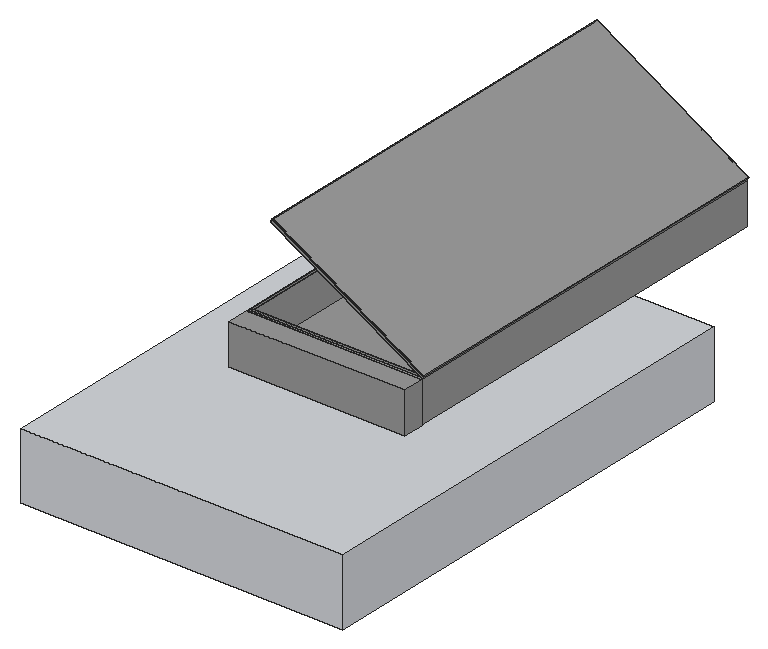
Revit family "Hager-Univers-IP44-D205-H1950-Cl.II-Encl-DE-de", category Equipement électrique, Revit 2020
Family settings
  Hôte = Face
  Configuration du panneau = Deux colonnes, circuits au sein
  Cote de connecteur circulaire = Utiliser le diamètre
  Type d'élément = Tableau de raccordement
  Couper avec des vides une fois chargée = Non
  Partagée = Non
  Point de calcul de pièce = Non
Parameters (values of type "Bodenaufstellung IP44 B800 H1950 T205  - FP23SN2")
  Width Control [instance] = if([EF000008 - Breite] > Min Width, [EF000008 - Breite], Min Width)  # 800 mm
  Commentaires du type = [HG000003 - Bereich]  # "Univers"
  Thickness Door [instance] = if([EF009171 - Materialstärke Tür/Deckel] > 3 mm, 3 mm, [EF009171 - Materialstärke Tür/Deckel])  # 1 mm
  Seal Frame Offset [instance] = 17 mm  # constant formula
  Plinth Visibility [instance] = [HG000027 - Sockelhöhe] > 0 mm  # yes
  Model = ""
  Min Width [instance] = 100 mm  # constant formula
  Min Height [instance] = 100 mm  # constant formula
  Min Depth [instance] = (2 * [EF009170 - Materialstärke Gehäuse]) + 1 mm  # 3 mm
  Internal Frame Depth [instance] = (Door System Depth * 0.5)  # 9 mm
  Height Control [instance] = if([EF000040 - Höhe] > Min Height, [EF000040 - Höhe], Min Height)  # 1950 mm
  HG000027 - Sockelhöhe = 100 mm
  HG000026 - Stehend auf dem Boden = yes
  HG000024 - Höhe des unteren Teils = 800 mm
  HG000023 - Gehäuse mit doppeltem Querschnitt = no
  HG000016 - 3D-Türsichtbarkeit [instance] = yes
  HG000015 - Sichtbarkeit der Türöffnung [instance] = no
  HG000014 - Tür rechts [instance] = yes
  HG000013 - Tür links [instance] = not([HG000014 - Tür rechts])  # no
  HG000012 - Türschwenkwinkel [instance] = 30.00°
  HG000010 - Asymmetrische Türen = no
  HG000009 - Doppelflügeligen Tür = no
  HG000006 - Unterputz = no
  HG000004 - Herstellerreferenz = "FP23SN2"
  HG000003 - Bereich = "Univers"
  HG000002 - Mit tür = yes
  Frame Offset Bottom [instance] = 10 mm  # constant formula
  Frame Offset [instance] = 15 mm  # constant formula
  EF015940 - Deckel mit Überdruckentlastung = no
  EF011959 - Schutzart (NEMA) = ""
  EF009554 - Anzahl der Öffnungen für Flanschplatten = 6
  Fabricant = "Hager"  # constant formula
  EF009212 - Ausführung Deckel = "EV000116 - geschlossen"
  EF009171 - Materialstärke Tür/Deckel = 1 mm
  EF009170 - Materialstärke Gehäuse = 1 mm
  EF008873 - Nennstrom (In) = 400 A
  EF007800 - Geeignet für Blitzschutz = no
  EF006306 - Mit Schloss = no
  EF006244 - Transparenter Deckel/Tür = no
  EF005474 - Schutzart (IP) = "EV006418 - IP44"
  EF004464 - Art der Tür = "EV002646 - Einzel"
  EF004427 - Anzahl der Module = 432
  EF004293 - Schlagfestigkeit = "EV006815 - IK09"
  EF003532 - Geeignet für Außengebrauch = no
  EF002950 - Breite in Teilungseinheiten = 36
  EF001613 - Funktionserhalt = "EV000494 - ohne"
  EF001596 - Werkstoff des Gehäuses = "EV000179 - Stahl"
  EF001131 - Innentiefe = 143 mm
  EF001088 - Anbaumöglichkeit = yes
  EF000437 - Anzahl der Leitungseinführungen = 6
  EF000339 - Art der Abdeckung = "EV001012 - Deckel"
  EF000266 - Anzahl der Reihen = 12
  EF000218 - Einbautiefe = 0 mm
  EF000118 - Mit Montageplatte = no
  EF000116 - RAL-Nummer = "9010"
  EF000049 - Tiefe = 205 mm
  EF000040 - Höhe = 1950 mm
  EF000008 - Breite = 800 mm
  EF000007 - Farbe = "EV000202 - weiß"
  EF000003 - Montageart = "EV012274 - Bodenaufstellung"
  Door System Leaf Tolerance [instance] = 1.5 mm  # constant formula
  Door System Depth [instance] = 18 mm  # constant formula
  Door Height [instance] = Height Control - [HG000027 - Sockelhöhe]  # 1850 mm
  Depth Control [instance] = if([EF000049 - Tiefe] > Min Depth, [EF000049 - Tiefe], Min Depth)  # 205 mm
  Default Elevation = 0 mm
  Connector Offset [instance] = Height Control / 2  # 975 mm
  Bottom Top Plate Trim [instance] = 1.5 mm  # constant formula
  Plinth height Ctrl [instance] = if([HG000027 - Sockelhöhe] > 0 mm, [HG000027 - Sockelhöhe], 12 mm)  # 100 mm
Types (5, lengths in mm): name | Width Control | HG000010 - Asymmetrische Türen | HG000009 - Doppelflügeligen Tür | HG000004 - Herstellerreferenz | EF009554 - Anzahl der Öffnungen für Flanschplatten | EF008873 - Nennstrom (In) | EF004464 - Art der Tür | EF004427 - Anzahl der Module | EF002950 - Breite in Teilungseinheiten | EF000437 - Anzahl der Leitungseinführungen | EF000008 - Breite
  Bodenaufstellung IP44 B1050 H1950 T205  - FP24SN2 | 1050 | no | yes | "FP24SN2" | 8 | 400 A | "EV003602 - Doppel" | 576 | 48 | 8 | 1050
  Bodenaufstellung IP44 B1300 H1950 T205  - FP25SN2 | 1300 | yes | yes | "FP25SN2" | 10 | 400 A | "EV003602 - Doppel" | 720 | 60 | 10 | 1300
  Bodenaufstellung IP44 B300 H1950 T205  - FP21SN2 | 300 | no | no | "FP21SN2" | 2 | 250 A | "EV002646 - Einzel" | 144 | 12 | 2 | 300
  Bodenaufstellung IP44 B550 H1950 T205  - FP22SN2 | 550 | no | no | "FP22SN2" | 4 | 400 A | "EV002646 - Einzel" | 288 | 24 | 4 | 550
  Bodenaufstellung IP44 B800 H1950 T205  - FP23SN2 | 800 | no | no | "FP23SN2" | 6 | 400 A | "EV002646 - Einzel" | 432 | 36 | 6 | 800
Reference planes
  plane 1 "Center (Front/Back)": y = 0
  plane 2: z = 0
  plane 3 "Center (Left/Right)": x = 0
  plane 4: z = 205
  plane 5: y = 101
  plane 6: y = 1025
  plane 7: y = 100
  plane 8: y = 1950
  plane 9: z = 0
  plane 10: x = -385
  plane 11: x = 385
  plane 12: x = 384
  plane 13: x = -384
  plane 14: y = 1949
  plane 15: x = -383
  plane 16: x = -400
  plane 17: x = 383
  plane 18: x = 400
  plane 19: x = 399
  plane 20: x = -399
  plane 21: y = 111
  plane 22: y = 1950
  plane 23: y = 1934
  plane 24: z = 187
  plane 25: z = 1
  plane 26: z = 186
  plane 27: z = 204
Forms (mm)
  Extrusion 1, solid
    sketch origin (0, 0, 0) x (1, 0, 0) y (0, 1, 0)
      loop
        line (-702.964, 1305) -> (-702.964, -811.445) -> (766.763, -811.445) -> (766.763, 1305) -> (-702.964, 1305)
    from 0 to -304.8
  Extrusion 2, solid, material "Hager_Steel_RAL7035_Light_Grey", visible <- "Plinth Visibility", detail levels medium+fine
    sketch origin (0, 0, 0) x (1, 0, 0) y (0, 1, 0)
      loop
        line (-400, 0) -> (400, 0) -> (400, 100) -> (-400, 100) -> (-400, 0)
    from 0 to 187
  Extrusion 3, solid, material "Hager_Steel_RAL7035_Light_Grey", detail levels medium+fine
    sketch origin (0, 0, 0) x (1, 0, 0) y (0, 1, 0)
      loop
        line (-400, 100) -> (400, 100) -> (400, 1950) -> (-400, 1950) -> (-400, 100)
    from 0 to 187
  Extrusion 4, void
    sketch origin (0, 0, 0) x (1, 0, 0) y (0, 1, 0)
      loop
        line (-399, 101) -> (399, 101) -> (399, 1949) -> (-399, 1949) -> (-399, 101)
    from 1 to 186
  Extrusion 5, void
    sketch origin (-381.607, -4572, 187) x (0, -1, 0) y (-1, 0, 0)
      loop
        line (-4683, 2.393) -> (-6506, 2.393) -> (-6506, -765.607) -> (-4683, -765.607) -> (-4683, 2.393)
    from 0 to 1 <- "EF009170 - Materialstärke Gehäuse"
  Extrusion 6, solid, material "Hager_Steel_RAL7035_Light_Grey", detail levels fine
    sketch origin (0, 0, 187) x (1, 0, 0) y (0, 1, 0)
      loop
        line (-384, 1934) -> (-384, 111) -> (384, 111) -> (384, 1934) -> (-384, 1934)
      loop
        line (-385, 110) -> (385, 110) -> (385, 1935) -> (-385, 1935) -> (-385, 110)
    from 0 to 9 <- "Internal Frame Depth"
  Extrusion 7, solid, material "Hager_Steel_RAL7035_Light_Grey", detail levels coarse
    sketch origin (0, 0, 0) x (1, 0, 0) y (0, 1, 0)
      loop
        line (-400, 0) -> (400, 0) -> (400, 1950) -> (-400, 1950) -> (-400, 0)
    from 0 to 205
  Sweep 8, void
    path in 3D
      loop
        line (-400, 100, 0) -> (400, 100, 0) -> (400, 100, 187) -> (-400, 100, 187) -> (-400, 100, 0)
    profile origin (-400, 100, 93.5) x (-1, 0, 0) y (0, -1, 0)
      loop
        line (0, 0) -> (0, 1.5) -> (-1.5, 1.5)
        arc (-1.5, 1.5) -> (-1.061, 0.439) -> (0, 0) r 1.5
Cuts and joins
  Extrusion 4, Extrusion 5 cuts Extrusion 3
  Sweep 8 cuts Extrusion 2
Lines and regions (mm)
  Masking region 1
    outline origin (0, 0, 0) x (1, 0, 0) y (0, 0, 1)
      loop
        line (-400, 205) -> (-400, 0) -> (400, 0) -> (400, 205) -> (-400, 205)
  Masking region 2, detail levels medium+fine
    outline origin (0, 140, 0) x (0, 1, 0) y (0, 0, 1)
      loop
        line (-40, 0) -> (1810, 0) -> (1810, 187) -> (-40, 187) -> (-40, 0)
  Masking region 3, not visible, detail levels medium+fine
    outline origin (0, 297.922, 0) x (0, 1, 0) y (0, 0, 1)
      loop
        line (738.578, 0) -> (778.578, 0) -> (778.578, 194)
        arc (778.578, 194) -> (775.649, 201.071) -> (768.578, 204) r 10
        line (768.578, 204) -> (738.578, 204) -> (738.578, 0)
  Masking region 4, detail levels coarse
    outline origin (0, 0, 180) x (0, 1, 0) y (0, 0, 1)
      loop
        line (0, -180) -> (1950, -180) -> (1950, 25) -> (0, 25) -> (0, -180)
  Masking region 5, visible <- "Plinth Visibility", detail levels medium+fine
    outline origin (0, 52.24, 12.345) x (0, 0, -1) y (0, 1, 0)
      loop
        line (10.845, 47.76) -> (-173.155, 47.76)
        arc (-173.155, 47.76) -> (-173.594, 46.699) -> (-174.655, 46.26) r 1.5
        line (-174.655, 46.26) -> (-174.655, -52.24) -> (12.345, -52.24) -> (12.345, 46.26)
        arc (12.345, 46.26) -> (11.285, 46.699) -> (10.845, 47.76) r 1.5
  Masking region 6, detail levels medium+fine
    outline origin (-381.607, -4572, 187) x (-1, 0, 0) y (0, -1, 0)
      loop
        line (18.393, -6522) -> (18.393, -4672) -> (-781.607, -4672) -> (-781.607, -6522) -> (18.393, -6522)
  Masking region 7, visible <- "Plinth Visibility", detail levels medium+fine
    outline origin (-381.607, -4727, 187) x (-1, 0, 0) y (0, -1, 0)
      loop
        arc (16.893, -4827) -> (17.332, -4825.939) -> (18.393, -4825.5) r 1.5
        line (18.393, -4825.5) -> (18.393, -4727) -> (-781.607, -4727) -> (-781.607, -4825.5)
        arc (-781.607, -4825.5) -> (-780.546, -4825.939) -> (-780.107, -4827) r 1.5
        line (-780.107, -4827) -> (16.893, -4827)
  Masking region 8, detail levels coarse
    outline origin (-442.548, -4669.526, 187) x (-1, 0, 0) y (0, -1, 0)
      loop
        line (-42.548, -6619.526) -> (-42.548, -4669.526) -> (-842.548, -4669.526) -> (-842.548, -6619.526) -> (-42.548, -6619.526)
  sketch lines
    curve 1: line (-400, 100, 187) -> (-400, 100, 0)
    curve 2: line (400, 100, 187) -> (-400, 100, 187)
    curve 3: line (400, 100, 187) -> (400, 100, 0)
    curve 4: line (-400, 100, 0) -> (400, 100, 0)
Dimensions and locks
  "Depth Control": plane 4 to Extrusion 1
  "HG000027 - Sockelhöhe": plane 1 "Center (Front/Back)" to plane 7
  "EF009170 - Materialstärke Gehäuse": plane 5 to plane 7
  locked: connector elem to plane 3 "Center (Left/Right)"
  equal spacing: plane 8, plane 6, plane 7
  locked: connector elem to plane 6
  "EF009170 - Materialstärke Gehäuse": plane 8 to plane 14
  "EF009170 - Materialstärke Gehäuse": plane 10 to plane 13
  "EF009170 - Materialstärke Gehäuse": plane 12 to plane 11
  "Frame Offset": plane 20 to plane 13
  "Frame Offset": plane 12 to plane 19
  "EF009170 - Materialstärke Gehäuse": plane 16 to plane 20
  "EF009170 - Materialstärke Gehäuse": plane 19 to plane 18
  "Seal Frame Offset": plane 16 to plane 15
  "Seal Frame Offset": plane 17 to plane 18
  "Frame Offset Bottom": plane 21 to plane 5
  "Frame Offset": plane 14 to plane 23
  equal spacing: plane 16, plane 3 "Center (Left/Right)", plane 18
  "Width Control": plane 16 to plane 18
  "EF009170 - Materialstärke Gehäuse": plane 4 to plane 27
  "EF009170 - Materialstärke Gehäuse": plane 24 to plane 26
  "EF009170 - Materialstärke Gehäuse": plane 25 to level
  "Door System Depth": plane 4 to plane 24
  "Height Control": plane 1 "Center (Front/Back)" to Extrusion 7 sketch curve
  "Height Control": Masking region 4 sketch curve to plane 1 "Center (Front/Back)"
  "Height Control": plane 1 "Center (Front/Back)" to plane 22
  "Bottom Top Plate Trim": profile plane to Sweep 8 sketch curve
  "Bottom Top Plate Trim": Sweep 8 sketch curve to profile plane
  "Plinth height Ctrl": plane 1 "Center (Front/Back)" to Extrusion 2 sketch curve
  "Plinth height Ctrl": Masking region 5 sketch curve to plane 1 "Center (Front/Back)"
  "Plinth height Ctrl": plane 1 "Center (Front/Back)" to Masking region 7 sketch curve
  "Thickness Door": Extrusion 6 sketch curve to Extrusion 6 sketch curve  (x3)
  "Thickness Door": cut or joined group of Extrusion 3, Extrusion 4, Extrusion 5 to Extrusion 6 sketch curve
  radius of Masking region 3 sketch curve = 10 mm
  "Bottom Top Plate Trim": radius of Masking region 5 sketch curve  (x2)
  "Bottom Top Plate Trim": radius of Sweep 8 sketch curve
  "Bottom Top Plate Trim": radius of Masking region 7 sketch curve  (x2)
  aligned and locked: plane 2 to Extrusion 1
  aligned and locked: level to Extrusion 1
  aligned and locked: level to Masking region 1 sketch curve
  aligned and locked: Masking region 1 sketch curve to plane 18
  aligned and locked: Masking region 1 sketch curve to plane 16
  aligned and locked: plane 7 to Masking region 2 sketch curve
  aligned and locked: level to Masking region 3 sketch curve
  aligned and locked: Masking region 3 sketch curve to plane 27
  aligned and locked: level to Masking region 2 sketch curve
  aligned and locked: plane 1 "Center (Front/Back)" to Extrusion 2 sketch curve
  aligned and locked: Extrusion 3 sketch curve to plane 7
  aligned and locked: plane 16 to Extrusion 3 sketch curve
  aligned and locked: plane 18 to Extrusion 3 sketch curve
  aligned and locked: plane 20 to Extrusion 4 sketch curve
  aligned and locked: plane 19 to Extrusion 4 sketch curve
  aligned and locked: Extrusion 4 sketch curve to plane 5
  aligned and locked: Extrusion 4 to plane 25
  aligned and locked: plane 26 to Extrusion 4
  aligned and locked: plane 24 to Extrusion 3
  aligned and locked: Extrusion 5 sketch curve to plane 21
  aligned and locked: Extrusion 5 sketch curve to plane 13
  aligned and locked: Extrusion 5 sketch curve to plane 12
  aligned and locked: plane 18 to Extrusion 7 sketch curve
  aligned and locked: plane 1 "Center (Front/Back)" to Extrusion 7 sketch curve
  aligned and locked: plane 16 to Extrusion 7 sketch curve
  aligned and locked: plane 4 to Extrusion 7
  aligned and locked: Extrusion 7 to level
  aligned and locked: level to Masking region 4 sketch curve
  aligned and locked: Masking region 4 sketch curve to plane 1 "Center (Front/Back)"
  aligned and locked: Masking region 4 sketch curve to plane 4
  aligned and locked: nested 1 to level
  aligned and locked: nested 1 to plane 16
  aligned and locked: plane 8 to Extrusion 3 sketch curve
  aligned and locked: plane 23 to Extrusion 5 sketch curve
  aligned and locked: plane 14 to Extrusion 4 sketch curve
  aligned and locked: Masking region 2 sketch curve to plane 8
  aligned and locked: level to Masking region 5 sketch curve
  aligned and locked: plane 16 to Extrusion 2 sketch curve
  aligned and locked: plane 18 to Extrusion 2 sketch curve
  aligned and locked: Masking region 5 sketch curve to plane 24
  aligned and locked: Masking region 2 sketch curve to plane 24
  aligned and locked: plane 24 to Extrusion 2
  aligned and locked: profile plane to Sweep 8 sketch curve  (x2)
  aligned and locked: Masking region 6 sketch curve to plane 18
  aligned and locked: Masking region 6 sketch curve to plane 22
  aligned and locked: Masking region 6 sketch curve to plane 16
  aligned and locked: plane 8 to plane 22
  aligned and locked: Masking region 6 sketch curve to plane 7
  aligned and locked: Masking region 7 sketch curve to plane 16
  aligned and locked: Masking region 7 sketch curve to plane 1 "Center (Front/Back)"
  aligned and locked: Masking region 7 sketch curve to plane 18
  aligned and locked: Masking region 8 sketch curve to plane 1 "Center (Front/Back)"
  aligned and locked: Masking region 8 sketch curve to plane 18
  aligned and locked: Masking region 8 sketch curve to plane 22
  aligned and locked: Masking region 8 sketch curve to plane 16
  aligned and locked: nested 2 to plane 7
  aligned and locked: plane 3 "Center (Left/Right)" to nested 2
  aligned and locked: nested 2 to plane 24
  aligned and locked: Extrusion 6 sketch curve to cut or joined group of Extrusion 3, Extrusion 4, Extrusion 5  (x4)
Automatic sketch dimensions
  Extrusion 1 sketch curve to Extrusion 1 sketch curve = 1469.727 mm
  Extrusion 1 sketch curve to Extrusion 1 sketch curve = 2116.445 mm
  Masking region 1 sketch curve to plane 4 = 0 mm
  plane 6 to Masking region 3 sketch curve = 11.5 mm
  Masking region 3 sketch curve to Masking region 3 sketch curve = 30 mm
  Masking region 5 sketch curve to plane 1 "Center (Front/Back)" = 0 mm
Nested families
  nested 1: "Hager_Enclosure_Symbol" at (-400, 0, 0) x (1, 0, 0) z (0, -1, 0), Height <- "Depth Control", Width <- "Width Control", type "Hager_Enclosure_Symbol"
    with Width_Ctrl 800 mm, Width 800 mm, Height_Ctrl 205 mm, Height 205 mm, A_Width_Int 13.453 mm, A_Width 161.438 mm, A_Height_Ctrl 179.375 mm, A_Height 179.375 mm
  nested 2: "EC000058_Univers_Door" at (0, 100, 187) x (1, 0, 0) z (0, 1, 0), Leaf_Tolerance <- "Door System Leaf Tolerance", Angle <- "HG000012 - Türschwenkwinkel", Door_Depth <- "Door System Depth", Door_Left <- "HG000013 - Tür links", Transparent <- "EF006244 - Transparenter Deckel/Tür", Assymetrical <- "HG000010 - Asymmetrische Türen", Width <- "Width Control", Clearance <- "HG000015 - Sichtbarkeit der Türöffnung", Double <- "HG000009 - Doppelflügeligen Tür", 3d_Door <- "HG000016 - 3D-Türsichtbarkeit", Lock_Visibility <- "EF006306 - Mit Schloss", Width_Ctrl <- "Width Control", Door_Right <- "HG000014 - Tür rechts", Door <- "HG000002 - Mit tür", Height <- "Door Height", Thickness <- "Thickness Door", type "EC000058_Univers_Door", detail levels medium+fine
    with min_wh 3 mm, Width_Ctrl 800 mm, Width 800 mm, Transparent no, Thickness 1 mm, Seal_Material Hager_Rubber, Lock_Visibility no, Lock_Material Hager_Plastic_RAL9005_Jet_Black, Leaf_Width 800 mm, Leaf_Tolerance_External_Sides 0 mm, Leaf_Tolerance 1.5 mm, Leaf_Offset 0 mm, Leaf_Height 1847 mm, Leaf_2_Width 800 mm, Leaf_2_Offset 400 mm, Leaf_1_Width 800 mm, Leaf_1_Offset 400 mm, Height_Ctrl 1850 mm, Height 1850 mm, Glass_Material Hager_Glass, Double_Clearance_Ctrl no, Double no, Door_Right_Ctrl yes, Door_Right yes, Door_Material Hager_Steel_RAL7035_Light_Grey, Door_Left_Ctrl no, Door_Left no, Door_Depth 18 mm, Door yes, Clearance_Material Hager_Clearance, Clearance_Depth 800 mm, Clearance_Ctrl no, Clearance no, Assymetrical no, Angle 30.00°, 3d_Door yes
Connectors
  electrical at (0, 1025, 0)
    settings: on plane 9, index 1, voltage 0 V, apparent load 0 VA, apparent load phase1 0 VA, apparent load phase2 0 VA, apparent load phase3 0 VA, power factor 1, load classification "Other", number of poles 1, system type 30, power factor state 1, is connector primary yes, connector utility no, sub classification motor no, connector description ""
Definition of nested family "EC000058_Univers_Door"
  Parameters (values of type "EC000058_Univers_Door")
    min_wh [instance] = (2 * Thickness) + 1 mm  # 11 mm
    Width_Ctrl [instance] = 400 mm
    Width [instance] = 500 mm
    Transparent [instance] = yes
    Thickness [instance] = 5 mm
    Seal_Material [instance] = none
    Lock_Visibility [instance] = yes
    Lock_Material [instance] = none
    Leaf_Width [instance] = if((Width_Ctrl - 2 * Leaf_Tolerance_External_Sides) > 0 mm, (Width_Ctrl - 2 * Leaf_Tolerance_External_Sides), min_wh)  # 400 mm
    Leaf_Tolerance_External_Sides [instance] = 0 mm  # constant formula
    Leaf_Tolerance [instance] = 1.5 mm
    Leaf_Offset [instance] = 0 mm  # constant formula
    Leaf_Height [instance] = if((Height_Ctrl - 2 * Leaf_Tolerance) > 0 mm, (Height_Ctrl - 2 * Leaf_Tolerance), min_wh)  # 497 mm
    Leaf_2_Width [instance] = if(and(and(Double, Assymetrical), Door_Left), (Leaf_Width / 3) - (Leaf_Tolerance / 2), if(and(and(Double, Assymetrical), Door_Right), (Leaf_Width / 3) * 2 - (Leaf_Tolerance / 2), if(and(Double, not(Assymetrical)), (Leaf_Width / 2) - Leaf_Tolerance, Leaf_Width)))  # 400 mm
    Leaf_2_Offset [instance] = if(and(Double, Assymetrical), Leaf_2_Width / 2, if(and(Double, not(Assymetrical)), Leaf_Width / 4, Leaf_Width / 2))  # 200 mm
    Leaf_1_Width [instance] = if(and(and(Double, Assymetrical), Door_Right), (Leaf_Width / 3) - (Leaf_Tolerance / 2), if(and(and(Double, Assymetrical), Door_Left), (Width / 3) * 2 - (Leaf_Tolerance / 2), if(and(Double, not(Assymetrical)), (Leaf_Width / 2) - Leaf_Tolerance, Leaf_Width)))  # 400 mm
    Leaf_1_Offset [instance] = if(and(Double, Assymetrical), Leaf_1_Width / 2, if(and(Double, not(Assymetrical)), Leaf_Width / 4, Leaf_Width / 2))  # 200 mm
    Height_Ctrl [instance] = if(Height > min_wh, Height, min_wh)  # 500 mm
    Height [instance] = 500 mm
    Glass_Material [instance] = none
    Double_Clearance_Ctrl [instance] = and(Double, Clearance)  # no
    Double [instance] = no
    Door_Right_Ctrl [instance] = and(or(Door_Right, Double), Door)  # yes
    Door_Right [instance] = yes
    Door_Material [instance] = none
    Door_Left_Ctrl [instance] = and(or(Door_Left, Double), Door)  # no
    Door_Left [instance] = no
    Door_Depth [instance] = 30 mm
    Door [instance] = yes
    Default Elevation = 1219.2 mm
    Clearance_Material [instance] = none
    Clearance_Depth [instance] = if(Leaf_1_Width > Leaf_2_Width, Leaf_1_Width, Leaf_2_Width)  # 400 mm
    Clearance_Ctrl [instance] = and(not(Double), Clearance)  # yes
    Clearance [instance] = yes
    Assymetrical [instance] = yes
    Angle [instance] = 30.00°
    3d_Door [instance] = yes
  Reference planes
    plane 1 "Center (Front/Back)": y = 0
    plane 2 "Bottom": z = 0
    plane 3 "Center (Left/Right)": x = 0
    plane 4: z = 500
    plane 5: x = -200
    plane 6: x = 200
    plane 7: z = 500
    plane 8: x = -200
    plane 9: z = 0
    plane 10: x = 200
    plane 11: y = 0
    plane 12: z = 1.5
    plane 13: x = -600
    plane 14: y = -400
    plane 15: x = 600
    plane 16: x = 0
    plane 17: x = 0
    plane 18: x = -200
    plane 19: x = 200
    plane 20: z = 498.5
  Forms (mm)
    Extrusion 1, solid, material <- "Clearance_Material", visible <- "Double_Clearance_Ctrl"
      sketch origin (1200, 0, 0) x (1, 0, 0) y (0, 0, -1)
        loop
          line (-1800, -498.5) -> (-600, -498.5) -> (-600, 0) -> (-1800, 0) -> (-1800, -498.5)
      from 0 to -400
  Dimensions and locks
    equal spacing: plane 5, plane 3 "Center (Left/Right)", plane 6
    "Width_Ctrl": plane 5 to plane 6
    "Leaf_Offset": plane 5 to plane 8
    "Leaf_Offset": plane 6 to plane 10
    "Leaf_Offset": plane 9 to level
    "Leaf_Offset": plane 4 to plane 7
    "Height_Ctrl": plane 4 to level
    "Leaf_Tolerance": plane 12 to plane 9
    locked: plane 11 to plane 1 "Center (Front/Back)"
    "Leaf_1_Offset": plane 18 to plane 16
    "Leaf_2_Offset": plane 17 to plane 19
    "Leaf_1_Width": plane 13 to plane 8
    "Leaf_2_Width": plane 10 to plane 15
    "Clearance_Depth": plane 14 to plane 1 "Center (Front/Back)"
    "Leaf_Tolerance_External_Sides": plane 8 to plane 18
    "Leaf_Tolerance_External_Sides": plane 19 to plane 10
    "Leaf_Tolerance": plane 7 to plane 20
    aligned and locked: level to plane 2 "Bottom"
    aligned and locked: nested 1 to plane 16
    aligned and locked: nested 2 to plane 17
    aligned and locked: Extrusion 1 to plane 13
    aligned and locked: plane 15 to Extrusion 1
    aligned and locked: Extrusion 1 to plane 14
    aligned and locked: plane 12 to nested 1
    aligned and locked: nested 2 to plane 12
    aligned and locked: Extrusion 1 to plane 11
    aligned and locked: plane 20 to Extrusion 1
    aligned and locked: nested 2 to plane 11
    aligned and locked: nested 1 to plane 11
  Automatic sketch dimensions
    Extrusion 1 sketch curve to level = 0 mm
    plane 5 to Extrusion 1 sketch curve = 400 mm
    plane 6 to Extrusion 1 sketch curve = 400 mm
    Extrusion 1 sketch curve to plane 4 = 1.5 mm
  Nested families
    nested 1: "EC000058_Univers_Door_Leaf" at (0, 0, 1.5), Width <- "Leaf_1_Width", visible <- "Door_Left_Ctrl", Leaf_Height <- "Leaf_Height", Angle <- "Angle", 3d_Door <- "3d_Door", Transparent <- "Transparent", Clearance Material <- "Clearance_Material", Clearance <- "Clearance_Ctrl", Door_Material <- "Door_Material", Glass_Material <- "Glass_Material", Door_Depth <- "Door_Depth", Lock_Material <- "Lock_Material", Seal_Material <- "Seal_Material", Lock_Visibility <- "Lock_Visibility", Thickness <- "Thickness", type "EC000058_Univers_Door_Leaf"
      with Width 400 mm, Transparent_Glass_Offset 30 mm, Transparent_Ctrl yes, Transparent yes, Thickness 5 mm, Standard no, Seal_Material none, Seal_D2 8 mm, Seal_D1 1 mm, Offset_Internal_Frame 10 mm, Lock_Width 20 mm, Lock_Visibility_3d yes, Lock_Visibility yes, Lock_Thickness_3 3 mm, Lock_Thickness_2 1 mm, Lock_Thickness_1 3 mm, Lock_Radius_Offset_2 16 mm, Lock_Radius_Offset_1 15 mm, Lock_Radius_2 5 mm, Lock_Radius 6 mm, Lock_Offset 5 mm, Lock_Material none, Lock_Height 80 mm, Lock_Cover_Top_Offset_2d 17 mm, Lock_Cover_Height -65 mm, Leaf_Height 497 mm, Internal_Seal_Thickness 8 mm, Internal_Seal_Depth_2 4.5 mm, Internal_Frame_Depth 25 mm, Glass_Thickness -1 mm, Glass_Offset -2 mm, Glass_Material none, Door_Material none, Door_Depth 30 mm, Clearance Material none, Clearance yes, Angle_Ctrl 30.00°, Angle 30.00°, 3d_Door yes
    nested 2: "EC000058_Univers_Door_Leaf" at (0, 0, 1.5) x (-1, 0, 0) z (0, 0, 1), Width <- "Leaf_2_Width", visible <- "Door_Right_Ctrl", Leaf_Height <- "Leaf_Height", Angle <- "Angle", 3d_Door <- "3d_Door", Transparent <- "Transparent", Clearance Material <- "Clearance_Material", Clearance <- "Clearance_Ctrl", Door_Material <- "Door_Material", Glass_Material <- "Glass_Material", Door_Depth <- "Door_Depth", Lock_Material <- "Lock_Material", Seal_Material <- "Seal_Material", Lock_Visibility <- "Lock_Visibility", Thickness <- "Thickness", type "EC000058_Univers_Door_Leaf"
      with Width 400 mm, Transparent_Glass_Offset 30 mm, Transparent_Ctrl yes, Transparent yes, Thickness 5 mm, Standard no, Seal_Material none, Seal_D2 8 mm, Seal_D1 1 mm, Offset_Internal_Frame 10 mm, Lock_Width 20 mm, Lock_Visibility_3d yes, Lock_Visibility yes, Lock_Thickness_3 3 mm, Lock_Thickness_2 1 mm, Lock_Thickness_1 3 mm, Lock_Radius_Offset_2 16 mm, Lock_Radius_Offset_1 15 mm, Lock_Radius_2 5 mm, Lock_Radius 6 mm, Lock_Offset 5 mm, Lock_Material none, Lock_Height 80 mm, Lock_Cover_Top_Offset_2d 17 mm, Lock_Cover_Height -65 mm, Leaf_Height 497 mm, Internal_Seal_Thickness 8 mm, Internal_Seal_Depth_2 4.5 mm, Internal_Frame_Depth 25 mm, Glass_Thickness -1 mm, Glass_Offset -2 mm, Glass_Material none, Door_Material none, Door_Depth 30 mm, Clearance Material none, Clearance yes, Angle_Ctrl 30.00°, Angle 30.00°, 3d_Door yes
  Definition of nested family "EC000058_Univers_Door_Leaf"
    Parameters (values of type "EC000058_Univers_Door_Leaf")
      Width [instance] = 2000 mm
      Transparent_Glass_Offset [instance] = 30 mm
      Transparent_Ctrl [instance] = and(Transparent, [3d_Door])  # yes
      Transparent [instance] = yes
      Thickness [instance] = 5 mm
      Standard [instance] = and(not(Transparent), [3d_Door])  # no
      Seal_Material [instance] = none
      Seal_D2 [instance] = 8 mm  # constant formula
      Seal_D1 [instance] = 1 mm  # constant formula
      Offset_Internal_Frame [instance] = 10 mm  # constant formula
      Lock_Width [instance] = 20 mm  # constant formula
      Lock_Visibility_3d [instance] = and(Lock_Visibility, [3d_Door])  # yes
      Lock_Visibility [instance] = yes
      Lock_Thickness_3 [instance] = 3 mm  # constant formula
      Lock_Thickness_2 [instance] = 1 mm  # constant formula
      Lock_Thickness_1 [instance] = 3 mm  # constant formula
      Lock_Radius_Offset_2 [instance] = Lock_Radius_Offset_1 + 1 mm  # 16 mm
      Lock_Radius_Offset_1 [instance] = 15 mm  # constant formula
      Lock_Radius_2 [instance] = Lock_Radius - 1 mm  # 5 mm
      Lock_Radius [instance] = 6 mm  # constant formula
      Lock_Offset [instance] = 5 mm  # constant formula
      Lock_Material [instance] = none
      Lock_Height [instance] = 80 mm  # constant formula
      Lock_Cover_Top_Offset_2d [instance] = Lock_Radius_Offset_2 + 1 mm  # 17 mm
      Lock_Cover_Height [instance] = -(Lock_Height - Lock_Radius_Offset_1)  # -65 mm
      Leaf_Height [instance] = 2720.336 mm
      Internal_Seal_Thickness [instance] = 8 mm  # constant formula
      Internal_Seal_Depth_2 [instance] = 4.5 mm  # constant formula
      Internal_Frame_Depth [instance] = if(Door_Depth - Thickness > 5 mm, Door_Depth - Thickness, 5 mm)  # 25 mm
      Glass_Thickness [instance] = if(Thickness > 15 mm, Glass_Offset + 10 mm, -1 mm)  # -1 mm
      Glass_Offset [instance] = if(Thickness > 15 mm, -(Thickness + 10 mm) / 2, -2 mm)  # -2 mm
      Glass_Material [instance] = none
      Door_Material [instance] = none
      Door_Depth [instance] = 30 mm
      Default Elevation = 0 mm
      Clearance Material [instance] = none
      Clearance [instance] = yes
      Angle_Ctrl [instance] = if(Angle > 180.00°, 180.00°, Angle)  # 90.00°
      Angle [instance] = 90.00°
      3d_Door [instance] = yes
    Reference planes
      plane 1 "Center (Front/Back)": y = 0
      plane 2: z = 0
      plane 3 "Center (Left/Right)": x = 0
      plane 4: y = 2000
      plane 5: x = -1000
      plane 6: x = 1000
      plane 7: x = -3000
      plane 8: z = 2720.336
      plane 9: z = 30
      plane 10: z = 2690.336
      plane 11: x = 970
      plane 12: x = -970
      plane 13: y = -3
      plane 14: z = 107.833
      plane 15: y = -5
      plane 16: y = -223.314
      plane 17: x = -1000
      plane 18: z = 1360.168
      plane 19: y = 30
    Forms (mm)
      Extrusion 1, solid, material <- "Clearance Material", visible <- "Clearance"
        sketch origin (0, 0, 0) x (1, 0, 0) y (0, 0, 1)
          loop
            line (-3000, 2720.336) -> (-3000, 0) -> (1000, 0) -> (1000, 2720.336) -> (-3000, 2720.336)
        from 0 to -2000
      Extrusion 2, solid, material <- "Door_Material", visible <- "Standard", detail levels medium+fine
        sketch origin (-1000, 0, 0) x (0, 1, 0) y (-1, 0, 0)
          loop
            line (0, 30) -> (0, 25) -> (2000, 25) -> (2000, 30) -> (0, 30)
        from 0 to 2720.336 <- "Leaf_Height"
      Extrusion 3, solid, material <- "Door_Material", visible <- "Transparent_Ctrl", detail levels medium+fine
        sketch origin (-1000, 0, 0) x (0, 1, 0) y (-1, 0, 0)
          loop
            line (0, 25) -> (2000, 25) -> (2000, 30) -> (0, 30) -> (0, 25)
        from 0 to 2720.336 <- "Leaf_Height"
      Extrusion 4, void
        sketch origin (-1025, 2000, 0) x (0, 1, 0) y (0, 0, -1)
          loop
            line (-30, -2690.336) -> (-30, -30) -> (-1970, -30) -> (-1970, -2690.336) -> (-30, -2690.336)
        from 0 to 5 <- "Thickness"
      Sweep 5, solid, material <- "Seal_Material", visible <- "Transparent_Ctrl", detail levels fine
        path in 3D
          loop
            line (-1025, 30, 30) -> (-1025, 30, 2690.336) -> (-1025, 1970, 2690.336) -> (-1025, 1970, 30) -> (-1025, 30, 30)
        profile origin (-1025, 1000, 30) x (1, 0, 0) y (0, 0, 1)
          loop
            line (0, 0) -> (0, -8) -> (1, -8) -> (1, 0) -> (0, 0)
      Extrusion 6, solid, material <- "Glass_Material", visible <- "Transparent_Ctrl", detail levels medium+fine
        sketch origin (-1030, 0, 0) x (0, 1, 0) y (0, 0, -1)
          loop
            line (1970, -2690.336) -> (1970, -30) -> (30, -30) -> (30, -2690.336) -> (1970, -2690.336)
        from -2 <- "Glass_Offset" to -1 <- "Glass_Thickness"
      Extrusion 7, solid, material <- "Door_Material", visible <- "3d_Door", detail levels medium+fine
        sketch origin (-1025, 2000, 0) x (0, -1, 0) y (0, 0, -1)
          loop
            line (0, -2720.336) -> (2000, -2720.336) -> (2000, 0) -> (0, 0) -> (0, -2720.336)
          loop
            line (1995, -5) -> (5, -5) -> (5, -2715.336) -> (1995, -2715.336) -> (1995, -5)
        from 0 to 25 <- "Internal_Frame_Depth"
      Sweep 8, solid, material <- "Seal_Material", visible <- "Transparent_Ctrl", detail levels fine
        path in 3D
          loop
            line (-1025, 0, 0) -> (-1025, 2000, 0) -> (-1025, 2000, 2720.336) -> (-1025, 0, 2720.336) -> (-1025, 0, 0)
        profile origin (-1025, 0, 1360.168) x (1, 0, 0) y (0, 1, 0)
          loop
            line (0, 10) -> (2.975, 10)
            arc (2.975, 10) -> (4.053, 10.447) -> (4.5, 11.525) r 1.525
            line (4.5, 11.525) -> (4.5, 16.527)
            arc (4.5, 16.527) -> (4.069, 17.569) -> (3.027, 18) r 1.473
            line (3.027, 18) -> (0, 18) -> (0, 10)
      Extrusion 9, solid, material <- "Lock_Material", visible <- "Lock_Visibility_3d", detail levels fine
        sketch origin (-1030, 0, 0) x (0, 1, 0) y (0, 0, -1)
          loop
            arc (1993.5, -1400.168) -> (1994.561, -1399.729) -> (1995, -1398.668) r 1.5
            line (1995, -1398.668) -> (1995, -1320.168) -> (1975, -1320.168) -> (1975, -1398.668)
            arc (1975, -1398.668) -> (1975.439, -1399.729) -> (1976.5, -1400.168) r 1.5
            line (1976.5, -1400.168) -> (1993.5, -1400.168)
        from 3 <- "Lock_Thickness_1" to 0
      Blend 10, solid, material <- "Lock_Material", visible <- "Lock_Visibility_3d", detail levels fine
        base sketch origin (-1033, 0, 0) x (0, 1, 0) y (0, 0, -1)
          loop
            line (1975, -1320.168) -> (1975, -1398.668)
            arc (1975, -1398.668) -> (1975.439, -1399.729) -> (1976.5, -1400.168) r 1.5
            line (1976.5, -1400.168) -> (1993.5, -1400.168)
            arc (1993.5, -1400.168) -> (1994.561, -1399.729) -> (1995, -1398.668) r 1.5
            line (1995, -1398.668) -> (1995, -1320.168) -> (1975, -1320.168)
        top sketch origin (-1033, 0, 0) x (0, 1, 0) y (0, 0, -1)
          loop
            line (1976, -1320.168) -> (1976, -1398.668)
            arc (1976, -1398.668) -> (1976.146, -1399.022) -> (1976.5, -1399.168) r 0.5
            line (1976.5, -1399.168) -> (1993.5, -1399.168)
            arc (1993.5, -1399.168) -> (1993.854, -1399.022) -> (1994, -1398.668) r 0.5
            line (1994, -1398.668) -> (1994, -1320.168) -> (1976, -1320.168)
        from 0 to 1 <- "Lock_Thickness_2"
      Blend 11, solid, material <- "Lock_Material", visible <- "Lock_Visibility_3d", detail levels fine
        base sketch origin (-1034, 0, 0) x (0, 1, 0) y (0, 0, -1)
          loop
            line (1978, -1320.168) -> (1978, -1384.168)
            arc (1978, -1384.168) -> (1985, -1391.168) -> (1992, -1384.168) r 7
            line (1992, -1384.168) -> (1992, -1320.168) -> (1978, -1320.168)
        top sketch origin (-1034, 0, 0) x (0, 1, 0) y (0, 0, -1)
          loop
            line (1991, -1320.168) -> (1979, -1320.168) -> (1979, -1383.168)
            arc (1979, -1383.168) -> (1985, -1389.168) -> (1991, -1383.168) r 6
            line (1991, -1383.168) -> (1991, -1320.168)
        from 0 to 3 <- "Lock_Thickness_3"
      Extrusion 12, solid, material <- "Lock_Material", visible <- "Lock_Visibility_3d", detail levels fine
        sketch origin (-1030, 1975, 1320.168) x (1, 0, 0) y (0, -1, 0)
          loop
            line (-7, -19) -> (-7, -1) -> (0, -1) -> (0, 0) -> (-8, 0) -> (-8, -20) -> (0, -20) -> (0, -19) -> (-7, -19)
        from 0 to -65 <- "Lock_Cover_Height"
      Extrusion 13, void
        sketch origin (-1038, 1995, 1320.168) x (-1, 0, 0) y (0, 0, -1)
          loop
            line (-5, -65) -> (0, -65) -> (-5, -60) -> (-5, -65)
        from 0 to 20 <- "Lock_Width"
      Extrusion 14, void
        sketch origin (-1038, 1975, 1320.168) x (0, -1, 0) y (0, 0, -1)
          loop
            circle (-10, -15.995) r 6
          loop
            circle (-10, -15.995) r 5
        from 0 to 2
      Extrusion 15, solid, material <- "Lock_Material", visible <- "Lock_Visibility_3d", detail levels medium
        sketch origin (-1030, 0, 0) x (0, 1, 0) y (0, 0, -1)
          loop
            arc (1993.5, -1400.168) -> (1994.561, -1399.729) -> (1995, -1398.668) r 1.5
            line (1995, -1398.668) -> (1995, -1320.168) -> (1975, -1320.168) -> (1975, -1398.668)
            arc (1975, -1398.668) -> (1975.439, -1399.729) -> (1976.5, -1400.168) r 1.5
            line (1976.5, -1400.168) -> (1993.5, -1400.168)
        from 8 to 0
    Cuts and joins
      Extrusion 4 cuts Extrusion 3
      Extrusion 13, Extrusion 14 cuts Extrusion 9
      Extrusion 14 cuts Blend 11
      Extrusion 13, Extrusion 14 cuts Extrusion 12
      joined: Extrusion 9, Blend 10, Blend 11, Extrusion 12
      Extrusion 14 cuts Extrusion 15
    Lines and regions (mm)
      Masking region 1, visible <- "Lock_Visibility", detail levels fine
        outline origin (0, 0, 0) x (0, 1, 0) y (0, 0, 1)
          loop
            line (30, 1320.168) -> (33, 1320.168) -> (33, 1400.168) -> (30, 1400.168) -> (30, 1320.168)
      Masking region 2, visible <- "Lock_Visibility", detail levels fine
        outline origin (0, 3.143, 0) x (0, 1, 0) y (0, 0, 1)
          loop
            line (29.857, 1354.168) -> (30.857, 1354.168) -> (30.857, 1366.168) -> (29.857, 1366.168) -> (29.857, 1354.168)
      Masking region 3, detail levels medium+fine
        outline origin (0, 0, 0) x (0, 1, 0) y (0, 0, 1)
          loop
            line (0, 0) -> (30, 0) -> (30, 2720.336) -> (0, 2720.336) -> (0, 0)
      Masking region 4, detail levels medium+fine
        outline origin (0, 0, 0) x (1, 0, 0) y (0, 0, 1)
          loop
            line (-1000, 2720.336) -> (-1000, 0) -> (1000, 0) -> (1000, 2720.336) -> (-1000, 2720.336)
      Masking region 5, visible <- "Lock_Visibility", detail levels fine
        outline origin (-47.116, 0, 0) x (1, 0, 0) y (0, 0, 1)
          loop
            arc (1024.616, 1399.168) -> (1023.556, 1398.729) -> (1023.116, 1397.668) r 1.5
            line (1023.116, 1397.668) -> (1023.116, 1320.168) -> (1041.116, 1320.168) -> (1041.116, 1397.668)
            arc (1041.116, 1397.668) -> (1040.677, 1398.729) -> (1039.616, 1399.168) r 1.5
            line (1039.616, 1399.168) -> (1024.616, 1399.168)
      Masking region 6, visible <- "Lock_Visibility", detail levels medium+fine
        outline origin (-25, 0, 0) x (1, 0, 0) y (0, 0, 1)
          loop
            arc (1001.5, 1400.168) -> (1000.439, 1399.729) -> (1000, 1398.668) r 1.5
            line (1000, 1398.668) -> (1000, 1320.168) -> (1020, 1320.168) -> (1020, 1398.668)
            arc (1020, 1398.668) -> (1019.561, 1399.729) -> (1018.5, 1400.168) r 1.5
            line (1018.5, 1400.168) -> (1001.5, 1400.168)
      Masking region 7, visible <- "Lock_Visibility", detail levels fine
        outline origin (-73.735, 0, 0) x (1, 0, 0) y (0, 0, 1)
          loop
            line (1051.735, 1382.168) -> (1065.735, 1382.168) -> (1065.735, 1384.168)
            arc (1065.735, 1384.168) -> (1058.735, 1391.168) -> (1051.735, 1384.168) r 7
            line (1051.735, 1384.168) -> (1051.735, 1382.168)
      Masking region 8, visible <- "Lock_Visibility", detail levels fine
        outline origin (-73.735, 0, 0) x (1, 0, 0) y (0, 0, 1)
          loop
            line (1052.735, 1382.168) -> (1064.735, 1382.168) -> (1064.735, 1383.168)
            arc (1064.735, 1383.168) -> (1058.735, 1389.168) -> (1052.735, 1383.168) r 6
            line (1052.735, 1383.168) -> (1052.735, 1382.168)
      Masking region 9, visible <- "Lock_Visibility", detail levels fine
        outline origin (-25, 0, 0) x (1, 0, 0) y (0, 0, 1)
          loop
            line (1020, 1320.168) -> (1020, 1382.168) -> (1000, 1382.168) -> (1000, 1320.168) -> (1020, 1320.168)
      Masking region 10, detail levels medium+fine
        outline origin (0, 0, 0) x (1, 0, 0) y (0, 0, 1)
          loop
            circle (985, 1335.144) r 6
      Masking region 11, detail levels fine
        outline origin (0, 0, 0) x (1, 0, 0) y (0, 0, 1)
          loop
            circle (985, 1335.144) r 5
      Masking region 12, visible <- "Lock_Visibility", detail levels fine
        outline origin (0, 12.767, 0) x (0, 1, 0) y (0, 0, 1)
          loop
            line (20.233, 1320.168) -> (21.233, 1320.168) -> (21.233, 1399.168) -> (20.233, 1400.168) -> (20.233, 1320.168)
      Masking region 13, visible <- "Lock_Visibility", detail levels fine
        outline origin (0, 13.767, -10) x (0, 1, 0) y (0, 0, 1)
          loop
            line (20.233, 1330.168) -> (23.233, 1330.168) -> (23.233, 1399.168) -> (20.233, 1402.168) -> (20.233, 1330.168)
      Masking region 14, visible <- "Lock_Visibility", detail levels fine
        outline origin (0, 12.767, -10) x (0, 1, 0) y (0, 0, 1)
          loop
            line (20.233, 1330.168) -> (25.233, 1330.168) -> (25.233, 1399.305) -> (20.233, 1394.305) -> (20.233, 1330.168)
      Masking region 15, visible <- "Lock_Visibility", detail levels medium
        outline origin (0, 0, 0) x (0, 1, 0) y (0, 0, 1)
          loop
            line (30, 1320.168) -> (38, 1320.168) -> (38, 1400.168) -> (30, 1400.168) -> (30, 1320.168)
      Masking region 16, visible <- "Lock_Visibility", detail levels fine
        outline origin (-1000, 0, 0) x (0, 1, 0) y (-1, 0, 0)
          loop
            line (1975, 30) -> (1995, 30) -> (1995, 38) -> (1975, 38) -> (1975, 30)
          loop
            line (1979, 37) -> (1976, 37) -> (1976, 34) -> (1978, 34) -> (1979, 37)
          loop
            line (1994, 37) -> (1991, 37) -> (1992, 34) -> (1994, 34) -> (1994, 37)
      Masking region 17, visible <- "Lock_Visibility", detail levels medium
        outline origin (-1000, 0, 0) x (0, 1, 0) y (-1, 0, 0)
          loop
            line (1975, 30) -> (1995, 30) -> (1995, 38) -> (1975, 38) -> (1975, 30)
      symbolic lines
        curve 1: line (1000, 0, 0) -> (-3000, 0, 0)
        curve 2: arc (1000, 0, 0) -> (-1000, 2000, 0) -> (-3000, 0, 0) r 2000
        curve 4: line (-1030, 0, 0) -> (-1030, 2000, 0)
      reference lines
        curve 3: line (-1000, 0, 0) -> (-1000, 2000, 0)
      symbolic lines, detail levels medium+fine
        curve 5: line (-1030, 2000, 0) -> (-1025, 2000, 0)
        curve 7: line (-1025, 0, 0) -> (-1030, 0, 0)
        curve 8: line (-1025, 0, 0) -> (-1000, 0, 0)
        curve 9: line (-1000, 0, 0) -> (-1000, 2000, 0)
        curve 10: line (-1000, 2000, 0) -> (-1025, 2000, 0)
      symbolic lines, detail levels fine
        curve 6: line (-1025, 2000, 0) -> (-1025, 0, 0)
      sketch lines
        curve 11: line (-1025, 0, 2720.336) -> (-1025, 0, 0)
        curve 12: line (-1025, 2000, 0) -> (-1025, 0, 0)
        curve 13: line (-1025, 2000, 2720.336) -> (-1025, 2000, 0)
        curve 14: line (-1025, 0, 2720.336) -> (-1025, 2000, 2720.336)
        curve 15: line (-1025, 1970, 30) -> (-1025, 30, 30)
        curve 16: line (-1025, 30, 30) -> (-1025, 30, 2690.336)
        curve 17: line (-1025, 1970, 2690.336) -> (-1025, 1970, 30)
        curve 18: line (-1025, 30, 2690.336) -> (-1025, 1970, 2690.336)
      symbolic lines, visible <- "Transparent", detail levels medium+fine
        curve 19: line (-970, 0, 2690.336) -> (970, 0, 2690.336)
        curve 20: line (-970, 0, 30) -> (-970, 0, 2690.336)
        curve 21: line (970, 0, 30) -> (-970, 0, 30)
        curve 22: line (970, 0, 2690.336) -> (970, 0, 30)
    Dimensions and locks
      "Width": plane 1 "Center (Front/Back)" to plane 4
      equal spacing: plane 5, plane 3 "Center (Left/Right)", plane 6
      "Width": plane 5 to plane 6
      "Width": plane 7 to plane 5
      "Leaf_Height": plane 8 to level
      "Width": curve 5 to curve 3
      "Width": curve 3 to curve 3
      plane 8 to plane 10 = 30 mm
      plane 9 to level = 30 mm
      plane 12 to plane 5 = 30 mm
      plane 6 to plane 11 = 30 mm
      Extrusion 1 to Extrusion 4 sketch curve = 30 mm
      "Transparent_Glass_Offset": curve 3 to Extrusion 4 sketch curve
      "Transparent_Glass_Offset": Extrusion 4 sketch curve to cut or joined group of Extrusion 3, Extrusion 4  (x2)
      cut or joined group of Extrusion 3, Extrusion 4 to Extrusion 6 sketch curve = 30 mm
      "Transparent_Glass_Offset": cut or joined group of Extrusion 3, Extrusion 4 to Extrusion 4 sketch curve
      "Thickness": curve 6 to curve 4
      "Thickness": Extrusion 7 sketch curve to Extrusion 7 sketch curve  (x4)
      "Door_Depth": curve 4 to curve 3
      "Offset_Internal_Frame": profile plane to Sweep 8 sketch curve
      "Internal_Seal_Thickness": Sweep 8 sketch curve to Sweep 8 sketch curve
      "Internal_Seal_Depth_2": profile plane to Sweep 8 sketch curve
      "Seal_D1": profile plane to Sweep 5 sketch curve
      "Seal_D2": profile plane to Sweep 5 sketch curve
      "Thickness": Extrusion 2 sketch curve to Extrusion 2 sketch curve
      equal spacing: Extrusion 9 sketch curve, plane 18, Extrusion 9 sketch curve  (x2)
      equal spacing: Masking region 1 sketch curve, plane 18, Masking region 1 sketch curve
      "Lock_Height": Masking region 1 sketch curve to Masking region 1 sketch curve
      "Lock_Radius": Masking region 2 sketch curve to plane 18 to Masking region 2 sketch curve
      Masking region 2 sketch curve to Masking region 1 = 1 mm
      "Door_Depth": plane 19 to plane 1 "Center (Front/Back)"
      "Lock_Thickness_1": Masking region 1 sketch curve to plane 19
      "Lock_Width": Extrusion 9 sketch curve to Extrusion 9 sketch curve
      "Lock_Height": Extrusion 9 sketch curve to Extrusion 9 sketch curve
      "Lock_Offset": cut or joined group of Extrusion 3, Extrusion 4 to Extrusion 9 sketch curve
      equal spacing: plane 8, plane 18, level
      "Lock_Radius_Offset_1": Blend 11 sketch curve to Blend 10
      locked: Blend 10 to Blend 11 sketch curve at 2  (x2)
      locked: var sketch to Blend 11 sketch curve at 1  (x2)
      "Lock_Radius_Offset_2": Blend 11 sketch curve to Blend 10
      locked: Extrusion 12 sketch curve to Extrusion 12 sketch curve at 1  (x3)
      Masking region 6 sketch curve to Masking region 6 sketch curve = 80 mm
      "Lock_Height": Masking region 6 sketch curve to Masking region 6 sketch curve
      "Lock_Width": Masking region 6 sketch curve to Masking region 6 sketch curve
      locked: Masking region 6 to Masking region 5 sketch curve at 1  (x3)
      locked: Masking region 5 to Masking region 7 sketch curve at 2  (x2)
      "Lock_Radius_Offset_1": Masking region 5 to Masking region 7 sketch curve
      "Lock_Radius_Offset_2": Masking region 5 to Masking region 8 sketch curve
      locked: Masking region 7 to Masking region 8 sketch curve at 1  (x2)
      "Lock_Cover_Top_Offset_2d": Masking region 5 to Masking region 9 sketch curve
      equal spacing: Masking region 9, Masking region 10 sketch curve, Masking region 9
      equal spacing: Masking region 9, Masking region 11 sketch curve, Masking region 9
      Extrusion 15 sketch curve to Extrusion 15 sketch curve = 80 mm
      "Lock_Width": Extrusion 15 sketch curve to Extrusion 15 sketch curve
      "Lock_Height": Extrusion 15 sketch curve to Extrusion 15 sketch curve
      equal spacing: Extrusion 15 sketch curve, plane 18, Extrusion 15 sketch curve
      "Lock_Thickness_3": Masking region 13 sketch curve to Masking region 13 sketch curve
      "Lock_Height": Masking region 12 sketch curve to Masking region 12 sketch curve
      locked: Masking region 13 sketch curve to Masking region 1 at 8
      locked: Masking region 14 sketch curve to Masking region 13 at 1
      locked: Masking region 14 sketch curve to Masking region 1 at 10.863
      "Lock_Height": Masking region 15 sketch curve to Masking region 15 sketch curve
      "Lock_Offset": Extrusion 15 sketch curve to cut or joined group of Extrusion 3, Extrusion 4
      "Lock_Offset": plane 6 to Masking region 6 sketch curve
      radius of Sweep 8 sketch curve = 1.525 mm
      radius of Sweep 8 sketch curve = 1.473 mm
      radius of Extrusion 9 sketch curve = 1.5 mm  (x2)
      "Lock_Radius": radius of Extrusion 14 sketch curve
      "Lock_Radius_2": radius of Extrusion 14 sketch curve
      "Lock_Radius": radius of Masking region 10 sketch curve
      "Lock_Radius_2": radius of Masking region 11 sketch curve
      radius of Extrusion 15 sketch curve = 1.5 mm  (x2)
      "Angle_Ctrl": angle plane 1 "Center (Front/Back)" to curve 3
      locked: Masking region 12 sketch curve to Masking region 12 sketch curve (angle 45.00°)
      locked: Masking region 13 sketch curve to Masking region 13 sketch curve (angle 45.00°)
      locked: Masking region 14 sketch curve to Masking region 14 sketch curve (angle 45.00°)
      aligned and locked: level to plane 2
      aligned and locked: Extrusion 1 to curve 1
      aligned and locked: plane 6 to Extrusion 1
      aligned and locked: Extrusion 1 to plane 1 "Center (Front/Back)"
      aligned and locked: plane 4 to Extrusion 1
      aligned and locked: plane 8 to Extrusion 1
      aligned and locked: curve 7 to Extrusion 2 sketch curve
      aligned and locked: curve 5 to Extrusion 2 sketch curve
      aligned and locked: curve 7 to Extrusion 3 sketch curve
      aligned and locked: Extrusion 3 sketch curve to curve 4
      aligned and locked: Extrusion 3 sketch curve to curve 6
      aligned and locked: Extrusion 3 sketch curve to curve 5
      aligned and locked: curve 9 to curve 3
      aligned and locked: Extrusion 7 sketch curve to cut or joined group of Extrusion 3, Extrusion 4  (x4)
      aligned and locked: plane 17 to curve 3
      aligned and locked: plane 1 "Center (Front/Back)" to curve 3
      aligned and locked: plane 17 to plane 5
      aligned and locked: Sweep 8 sketch curve to profile plane
      aligned and locked: Sweep 5 sketch curve to profile plane  (x2)
      aligned and locked: Masking region 1 to Masking region 2 sketch curve
      aligned and locked: plane 19 to Masking region 1 sketch curve
      aligned and locked: plane 1 "Center (Front/Back)" to Masking region 3 sketch curve
      aligned and locked: plane 19 to Masking region 3 sketch curve
      aligned and locked: level to Masking region 3 sketch curve
      aligned and locked: Masking region 3 sketch curve to plane 8
      aligned and locked: plane 17 to Masking region 4 sketch curve
      aligned and locked: level to Masking region 4 sketch curve
      aligned and locked: Masking region 4 sketch curve to plane 8
      aligned and locked: plane 12 to curve 20
      aligned and locked: plane 10 to curve 19
      aligned and locked: plane 11 to curve 22
      aligned and locked: curve 21 to plane 9
      aligned and locked: Extrusion 2 sketch curve to cut or joined group of Extrusion 3, Extrusion 4
      aligned and locked: Blend 10 sketch curve to Extrusion 9  (x4)
      aligned and locked: Extrusion 9 to Blend 10 sketch curve
      aligned and locked: Blend 10 to Blend 11 sketch curve
      aligned and locked: Extrusion 12 sketch curve to Blend 11
      aligned and locked: Extrusion 12 sketch curve to Extrusion 9  (x4)
      aligned and locked: Masking region 5 sketch curve to Masking region 6
      aligned and locked: Masking region 9 sketch curve to Masking region 6  (x3)
      aligned and locked: Masking region 12 sketch curve to Masking region 1
      aligned and locked: Masking region 13 sketch curve to Masking region 1
      aligned and locked: Masking region 12 to Masking region 14
      aligned and locked: Masking region 14 sketch curve to Masking region 1
      aligned and locked: Masking region 15 sketch curve to Masking region 14
      aligned and locked: Masking region 13 sketch curve to Masking region 12
      aligned and locked: Masking region 16 sketch curve to cut or joined group of Extrusion 14, Extrusion 15  (x4)
      aligned and locked: Masking region 16 sketch curve to cut or joined group of Extrusion 9, Blend 10, Blend 11, Extrusion 12, Extrusion 13, Extrusion 14  (x6)
      aligned and locked: cut or joined group of Extrusion 9, Blend 10, Blend 11, Extrusion 12, Extrusion 13, Extrusion 14 to Masking region 16 sketch curve
      aligned and locked: Masking region 17 sketch curve to cut or joined group of Extrusion 14, Extrusion 15  (x3)
      aligned and locked: Masking region 17 sketch curve to cut or joined group of Extrusion 9, Blend 10, Blend 11, Extrusion 12, Extrusion 13, Extrusion 14
      aligned and locked: Masking region 9 to Masking region 8 sketch curve
      aligned and locked: Masking region 9 to Masking region 7 sketch curve
    Automatic sketch dimensions
      plane 1 "Center (Front/Back)" to curve 2 = 0 mm
      curve 2 to plane 5 = 0 mm
      Extrusion 1 sketch curve to level = 0 mm
      Extrusion 1 sketch curve to plane 7 = 0 mm
      Extrusion 1 sketch curve to plane 6 = 0 mm
      Extrusion 1 sketch curve to plane 8 = 0 mm
      Extrusion 3 to Extrusion 6 sketch curve = 30 mm  (x4)
      Masking region 4 sketch curve to plane 6 = 0 mm
      Blend 10 sketch curve to Extrusion 9 = 1.5 mm
      Blend 10 sketch curve to Extrusion 9 = 1 mm
      Extrusion 13 sketch curve to Extrusion 12 = 0 mm  (x2)
      Extrusion 12 to Extrusion 13 sketch curve = 3 mm
      Extrusion 13 sketch curve to Extrusion 12 = 5 mm
      Extrusion 14 sketch curve to Extrusion 14 sketch curve = 0 mm  (x2)
      Extrusion 14 sketch curve to Extrusion 12 = 10 mm
      Extrusion 14 sketch curve to Extrusion 12 = 15.995 mm
      Masking region 5 sketch curve to Masking region 5 sketch curve = 1.5 mm  (x2)
      Masking region 10 sketch curve to plane 18 = 25.024 mm
      Masking region 11 sketch curve to plane 18 = 25.024 mm
      plane 19 to Masking region 14 sketch curve = 3 mm
      Masking region 16 sketch curve to Masking region 16 sketch curve = 3 mm
      curve 4 to curve 3 = 0 mm
      Blend 10 to Blend 11 sketch curve = 0 mm
      Masking region 6 sketch curve to Masking region 6 sketch curve = 1.5 mm  (x2)
      Masking region 6 sketch curve to plane 18 = 40 mm
      plane 19 to Masking region 12 sketch curve = 3 mm
      Masking region 12 sketch curve to Masking region 12 sketch curve = 1 mm
      Masking region 15 sketch curve to plane 19 = 0 mm
      Masking region 15 sketch curve to plane 18 = 40 mm
      radius of Blend 10 sketch curve to Extrusion 9 = 1 mm
Definition of nested family "Hager_Enclosure_Symbol"
  Parameters (values of type "Hager_Enclosure_Symbol")
    Width_Ctrl [instance] = if(Width > 1 mm, Width, 1 mm)  # 102.27 mm
    Width [instance] = 102.27 mm
    Height_Ctrl [instance] = if(Height > 1 mm, Height, 1 mm)  # 66.5 mm
    A_Width_Int [instance] = if(A_Width / 12 > 2 mm, A_Width / 12, 2 mm)  # 4.364 mm
    A_Width [instance] = if(A_Height_Ctrl * 0.9 > 2 mm, A_Height_Ctrl * 0.9, 2 mm)  # 52.369 mm
    A_Height_Ctrl [instance] = if(A_Height > 2 mm, A_Height, 2 mm)  # 58.188 mm
    Height [instance] = 66.5 mm
    A_Height [instance] = Height - (Height / 8)  # 58.188 mm
  Reference planes
    plane 1 "Centre (avant/arrière)": y = 0
    plane 2: z = 0
    plane 3 "Centre (gauche/droite)": x = 0
    plane 4: x = 52.369
    plane 5: y = 33.042
    plane 6: y = 41.77
    plane 7: y = 66.5
    plane 8: x = 26.184
    plane 9: y = 37.406
    plane 10: x = 102.27
    plane 11: y = 66.5
    plane 12: y = 8.313
  Lines and regions (mm)
    Filled region 1, type "Solid_Black", in view "Niveau de réf."
      outline origin (0, 0, 0) x (1, 0, 0) y (0, 1, 0)
        loop
          line (52.369, 66.5) -> (33.188, 54.536) -> (45.365, 45.006) -> (52.369, 66.5)
    Filled region 2, type "Solid_Black", in view "Niveau de réf."
      outline origin (0, 0, 0) x (1, 0, 0) y (0, 1, 0)
        loop
          line (0, 0) -> (102.27, 0) -> (102.27, 66.5) -> (0, 0)
    detail lines, in view "Niveau de réf."
      curve 1: line (0, 8.313, 0) -> (26.184, 41.77, 0)
      curve 2: line (26.184, 41.77, 0) -> (26.184, 33.042, 0)
      curve 3: line (26.184, 33.042, 0) -> (52.369, 66.5, 0)
  Dimensions and locks
    "A_Width": plane 3 "Centre (gauche/droite)" to plane 4
    equal spacing: plane 3 "Centre (gauche/droite)", plane 8, plane 4
    equal spacing: plane 6, plane 9, plane 5
    equal spacing: curve 3, Filled region 1 sketch curve, Filled region 1 sketch curve
    "Height_Ctrl": plane 1 "Centre (avant/arrière)" to plane 11
    "A_Height_Ctrl": plane 11 to plane 12
    equal spacing: plane 11, plane 9, plane 12
    "A_Width_Int": plane 6 to plane 9
    "Width_Ctrl": plane 3 "Centre (gauche/droite)" to plane 10
    angle Filled region 1 sketch curve to curve 3 = 20.00°
    angle curve 3 to Filled region 1 sketch curve = 20.00°
    locked: curve 3 to Filled region 1 sketch curve (angle 90.00°)
    aligned and locked: plane 10 to Filled region 2
    aligned and locked: plane 11 to Filled region 2 sketch curve
    aligned and locked: plane 10 to Filled region 2 sketch curve
    aligned and locked: plane 3 "Centre (gauche/droite)" to curve 1
    aligned and locked: plane 12 to curve 1
    aligned and locked: plane 7 to plane 11
  Automatic sketch dimensions
    Filled region 1 sketch curve to plane 4 = 0 mm
    Filled region 1 sketch curve to plane 7 = 0 mm
    plane 1 "Centre (avant/arrière)" to Filled region 2 sketch curve = 0 mm
    Filled region 2 sketch curve to plane 3 "Centre (gauche/droite)" = 0 mm
    curve 2 to plane 6 = 0 mm
    curve 2 to plane 8 = 0 mm
    curve 3 to plane 4 = 0 mm
    curve 2 to plane 5 = 0 mm
    curve 3 to plane 7 = 0 mm
